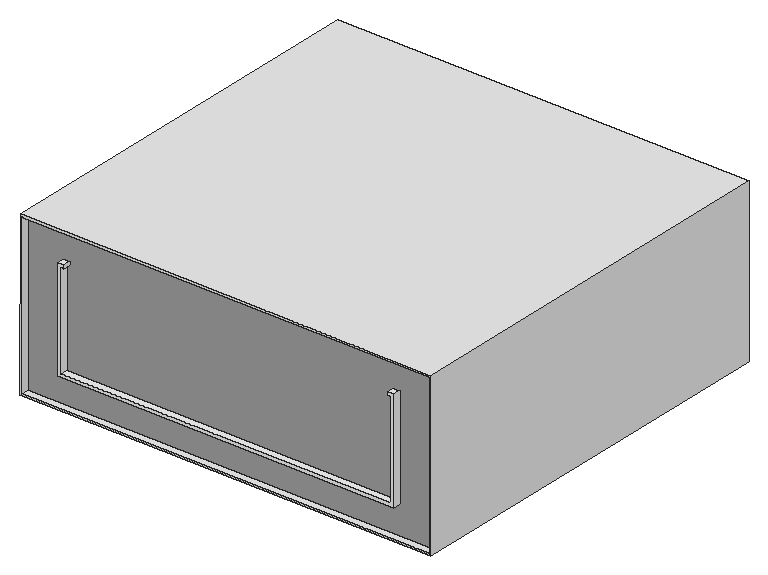
Revit family "10.Wichmann Akustikbox S_WAND", category Mechanical Equipment, host Wall, Revit 2018
Family settings
  Host = Wall
  Round Connector Dimension = Use Diameter
  Classification = None
  Part Type = Normal
  OmniClass Number = 23.30.20.00
  OmniClass Title = Windows
  Always vertical = Yes
  Cut with Voids When Loaded = No
  Shared = No
  Room Calculation Point = No
Parameters (values of type "Akustikbox S, 110x280x270 mm, Innenöffnung 65x225x270 mm ")
  Werkstoff = Stahl
  Höhe = 110 mm
  H_i = 65 mm
  HAN = "ABS110280"
  Breite = 280 mm
  Bautiefe = 270 mm
  B_i = 225 mm
Types (5, lengths in mm): name | HAN | Breite | B_i
  Akustikbox S, 110x280x270 mm, Innenöffnung 65x225x270 mm | "ABS110280" | 280 | 225
  Akustikbox S, 110x335x270 mm, Innenöffnung 65x280x270 mm | "ABS110335" | 335 | 280
  Akustikbox S, 110x435x270 mm, Innenöffnung 65x380x270 mm | "ABS110435" | 435 | 380
  Akustikbox S, 110x535x270 mm, Innenöffnung 65x480x270 mm | "ABS110535" | 535 | 480
  Akustikbox S, 110x640x270 mm, Innenöffnung 65x585x270 mm | "ABS110640" | 640 | 585
Reference planes
  plane 1 "Wall": y = 0
  plane 2 "Center (Left/Right)": x = 125
  plane 3 "Back": y = 75
  plane 4: z = 538.569
  plane 5: z = 593.569
  plane 6: x = 265
  plane 7: x = 237.5
  plane 8: z = 561.069
  plane 9: x = -15
  plane 10: x = 12.5
  plane 11: z = 648.569
  plane 12: z = 626.069
  plane 13: y = 135
  plane 14: y = -135
Forms (mm)
  Extrusion 1, solid, material "Stahl" <- "Werkstoff"
    sketch origin (0, 0, 0) x (1, 0, 0) y (0, 0, 1)
      loop
        line (265, 648.569) -> (-15, 648.569) -> (-15, 538.569) -> (265, 538.569) -> (265, 648.569)
      loop
        line (264, 647.569) -> (-14, 647.569) -> (-14, 539.569) -> (264, 539.569) -> (264, 647.569)
    from -135 to 135
  Extrusion 2, solid, material "EasyFoam"
    sketch origin (0, 0, 0) x (1, 0, 0) y (0, 0, 1)
      loop
        line (264, 647.569) -> (-14, 647.569) -> (-14, 539.569) -> (264, 539.569) -> (264, 647.569)
    from -130 to 130
  Extrusion 3, solid, not visible
    sketch origin (81, 0, 597.569) x (0, 0, -1) y (0, 1, 0)
      loop
        line (0, -134) -> (1.043, -134) -> (1.043, -133.063) -> (12.5, -130.97) -> (12.5, -130) -> (0, -130) -> (0, -134)
    from 0 to 88
  Extrusion 4, solid, not visible
    sketch origin (81, 0, 539.569) x (0, 0, 1) y (0, -1, 0)
      loop
        line (0, 134) -> (0, 130) -> (12.5, 130) -> (12.5, 130.97) -> (1.043, 133.063) -> (1.043, 134) -> (0, 134)
    from 0 to 88
  Extrusion 5, solid, not visible
    sketch origin (169, 0, 521.819) x (-1, 0, 0) y (0, -1, 0)
      loop
        line (0, 134) -> (0, 130) -> (14, 130) -> (14, 130.969) -> (1.043, 133.062) -> (1.043, 134) -> (0, 134)
    from 17.75 to 75.75
  Extrusion 6, solid, not visible
    sketch origin (81, 0, 521.819) x (1, 0, 0) y (0, 1, 0)
      loop
        line (0, -134) -> (1.043, -134) -> (1.043, -133.04) -> (14, -130.947) -> (14, -130) -> (0, -130) -> (0, -134)
    from 17.75 to 75.75
  Extrusion 7, solid, material "Brandschutzeinlage", not visible, detail levels medium+fine
    sketch origin (81, 2.5, 597.569) x (0, 0, -1) y (0, 1, 0)
      loop
        line (0, -151.5) -> (1.043, -151.5) -> (1.043, -150.563) -> (12.5, -148.47) -> (12.5, -147.5) -> (0, -147.5) -> (0, -151.5)
    from 0 to 88
  Extrusion 8, solid, material "Brandschutzeinlage", not visible, detail levels medium+fine
    sketch origin (81, 2.5, 539.569) x (0, 0, 1) y (0, -1, 0)
      loop
        line (0, 151.5) -> (0, 147.5) -> (12.5, 147.5) -> (12.5, 148.47) -> (1.043, 150.563) -> (1.043, 151.5) -> (0, 151.5)
    from 0 to 88
  Extrusion 9, solid, material "Brandschutzeinlage", not visible, detail levels medium+fine
    sketch origin (169, 2.5, 521.819) x (-1, 0, 0) y (0, -1, 0)
      loop
        line (0, 151.5) -> (0, 147.5) -> (14, 147.5) -> (14, 148.469) -> (1.043, 150.562) -> (1.043, 151.5) -> (0, 151.5)
    from 17.75 to 75.75
  Extrusion 10, solid, material "Brandschutzeinlage", not visible, detail levels medium+fine
    sketch origin (81, 2.5, 521.819) x (1, 0, 0) y (0, 1, 0)
      loop
        line (0, -151.5) -> (1.043, -151.5) -> (1.043, -150.54) -> (14, -148.447) -> (14, -147.5) -> (0, -147.5) -> (0, -151.5)
    from 17.75 to 75.75
  Extrusion 11, solid, material "Metall - Stahl"
    sketch origin (-4874.489, 75, -481.431) x (-1, 0, 0) y (0, 0, 1)
      loop
        line (-5111.989, 1042.5) -> (-5111.989, 1107.5) -> (-5109.621, 1107.5) -> (-5109.621, 1109.5) -> (-5113.989, 1109.5) -> (-5113.989, 1040.5) -> (-4884.989, 1040.5) -> (-4884.989, 1109.5) -> (-4889.389, 1109.5) -> (-4889.389, 1107.5) -> (-4886.989, 1107.5) -> (-4886.989, 1042.5) -> (-5111.989, 1042.5)
    from -210 to 60
Lines and regions (mm)
  Opening 1
    outline origin (-4874.489, -75, -481.431) x (1, 0, 0) y (0, 0, 1)
      loop
        line (5139.489, 1130) -> (4859.489, 1130) -> (4859.489, 1020) -> (5139.489, 1020) -> (5139.489, 1130)
Text (mm)
  text "Placement Side" at (-1848.837, 1116.779, 0), in view "Ref. Level"
  text "Placement side" at (0, 1409.804, 2854.306), in view "Left"
  text "Placement side" at (0, 499.811, 2980.732), in view "Right"
Dimensions and locks
  locked: plane 3 "Back" to host wall
  equal spacing: plane 9, plane 2 "Center (Left/Right)", plane 6
  equal spacing: plane 10, plane 2 "Center (Left/Right)", plane 7
  "B_i": plane 10 to plane 7
  "Breite": plane 9 to plane 6
  equal spacing: plane 8, plane 5, plane 12
  "H_i": plane 8 to plane 12
  equal spacing: plane 4, plane 5, plane 11
  "Höhe": plane 4 to plane 11
  locked: Extrusion 1 to plane 11 at 1
  locked: plane 4 to Extrusion 1 at 1
  locked: Extrusion 1 to plane 6 at 1
  locked: Extrusion 1 to plane 9 at 1
  locked: plane 13 to Extrusion 2 at 5
  locked: Extrusion 2 to plane 14 at 5
  equal spacing: plane 13, plane 1 "Wall", plane 14
  "Bautiefe": plane 13 to plane 14
  locked: Extrusion 11 to Extrusion 11 at 2  (x2)
  locked: plane 7 to Extrusion 11 at 2
  locked: plane 10 to Extrusion 11 at 2
  equal spacing: Extrusion 11, host wall, Extrusion 11
  aligned and locked: plane 1 "Wall" to host wall
  aligned and locked: Extrusion 1 sketch curve to plane 11
  aligned and locked: Extrusion 1 sketch curve to plane 6
  aligned and locked: Extrusion 1 sketch curve to plane 4
  aligned and locked: Extrusion 1 sketch curve to plane 9
  aligned and locked: Extrusion 2 sketch curve to Extrusion 1  (x4)
  aligned and locked: Extrusion 1 to plane 13
  aligned and locked: Extrusion 1 to plane 14
  aligned and locked: plane 8 to Extrusion 11 sketch curve
  aligned and locked: plane 10 to Extrusion 11 sketch curve
  aligned and locked: plane 7 to Extrusion 11 sketch curve
  aligned and locked: Extrusion 11 sketch curve to plane 12
  aligned and locked: plane 12 to Extrusion 11 sketch curve
  aligned and locked: Extrusion 11 to Extrusion 11
  aligned and locked: plane 6 to Opening 1 sketch curve
  aligned and locked: plane 11 to Opening 1 sketch curve
  aligned and locked: plane 4 to Opening 1 sketch curve
  aligned and locked: plane 9 to Opening 1 sketch curve
  aligned and locked: Extrusion 1 to Extrusion 11
  aligned and locked: host wall to nested 1  (x2)
  aligned and locked: plane 9 to nested 1
  aligned and locked: plane 6 to nested 1
  aligned and locked: nested 2 to plane 4
  aligned and locked: nested 2 to host wall  (x2)
  aligned and locked: nested 2 to plane 11
  aligned and locked: plane 4 to nested 3
  aligned and locked: nested 3 to plane 9
  aligned and locked: plane 11 to nested 3
  aligned and locked: nested 3 to plane 6
Automatic sketch dimensions
  Extrusion 3 sketch curve to Extrusion 3 sketch curve = 0.97 mm
  Extrusion 4 sketch curve to Extrusion 4 sketch curve = 1.043 mm
  Extrusion 4 sketch curve to Extrusion 4 sketch curve = 0.97 mm
  Extrusion 4 sketch curve to Extrusion 4 sketch curve = 0.937 mm
  Extrusion 5 sketch curve to Extrusion 5 sketch curve = 1.043 mm
  Extrusion 5 sketch curve to Extrusion 5 sketch curve = 0.969 mm
  Extrusion 5 sketch curve to Extrusion 5 sketch curve = 0.938 mm
  Extrusion 6 sketch curve to Extrusion 6 sketch curve = 0.96 mm
  Extrusion 6 sketch curve to Extrusion 6 sketch curve = 1.043 mm
  Extrusion 6 sketch curve to Extrusion 6 sketch curve = 12.957 mm
  Extrusion 6 sketch curve to Extrusion 6 sketch curve = 2.093 mm
  Extrusion 6 sketch curve to Extrusion 6 sketch curve = 3.04 mm
  Extrusion 3 sketch curve to Extrusion 3 sketch curve = 1.043 mm
  Extrusion 3 sketch curve to Extrusion 3 sketch curve = 11.457 mm
  Extrusion 3 sketch curve to Extrusion 3 sketch curve = 0.937 mm
  Extrusion 3 sketch curve to Extrusion 3 sketch curve = 2.093 mm
  Extrusion 4 sketch curve to Extrusion 4 sketch curve = 11.457 mm
  Extrusion 4 sketch curve to Extrusion 4 sketch curve = 3.063 mm
  Extrusion 5 sketch curve to Extrusion 5 sketch curve = 12.957 mm
  Extrusion 5 sketch curve to Extrusion 5 sketch curve = 3.062 mm
  Extrusion 7 sketch curve to Extrusion 7 sketch curve = 0.97 mm
  Extrusion 8 sketch curve to Extrusion 8 sketch curve = 1.043 mm
  Extrusion 8 sketch curve to Extrusion 8 sketch curve = 0.97 mm
  Extrusion 8 sketch curve to Extrusion 8 sketch curve = 0.937 mm
  Extrusion 9 sketch curve to Extrusion 9 sketch curve = 1.043 mm
  Extrusion 9 sketch curve to Extrusion 9 sketch curve = 0.969 mm
  Extrusion 9 sketch curve to Extrusion 9 sketch curve = 0.938 mm
  Extrusion 10 sketch curve to Extrusion 10 sketch curve = 0.96 mm
  Extrusion 10 sketch curve to Extrusion 10 sketch curve = 1.043 mm
  Extrusion 10 sketch curve to Extrusion 10 sketch curve = 12.957 mm
  Extrusion 10 sketch curve to Extrusion 10 sketch curve = 2.093 mm
  Extrusion 10 sketch curve to Extrusion 10 sketch curve = 3.04 mm
  Extrusion 7 sketch curve to Extrusion 7 sketch curve = 1.043 mm
  Extrusion 7 sketch curve to Extrusion 7 sketch curve = 11.457 mm
  Extrusion 7 sketch curve to Extrusion 7 sketch curve = 0.937 mm
  Extrusion 7 sketch curve to Extrusion 7 sketch curve = 2.093 mm
  Extrusion 8 sketch curve to Extrusion 8 sketch curve = 11.457 mm
  Extrusion 8 sketch curve to Extrusion 8 sketch curve = 3.063 mm
  Extrusion 9 sketch curve to Extrusion 9 sketch curve = 12.957 mm
  Extrusion 9 sketch curve to Extrusion 9 sketch curve = 3.062 mm
  plane 9 to Extrusion 1 sketch curve = 1 mm
  plane 6 to Extrusion 1 sketch curve = 1 mm
  plane 4 to Extrusion 1 sketch curve = 1 mm
  plane 11 to Extrusion 1 sketch curve = 1 mm
  Extrusion 11 sketch curve to plane 7 = 2 mm
  plane 7 to Extrusion 11 sketch curve = 2.368 mm
  Extrusion 11 sketch curve to Extrusion 11 sketch curve = 2.4 mm
  Extrusion 11 sketch curve to plane 10 = 2 mm
  Extrusion 11 sketch curve to plane 8 = 2 mm
  Extrusion 11 sketch curve to plane 12 = 2 mm  (x2)
Nested families
  nested 1: "Side" at (125, 0, -481.431), type "Side"
    with h 150 mm, b 280 mm
  nested 2: "Side" at (125, 0, 593.569) x (0, -1, 0) z (1, 0, 0), type "Side"
    with h 110 mm, b 150 mm
  nested 3: "Front" at (125, 0, 593.569) x (0, 0, -1) z (0, -1, 0), type "Front"
    with x 18.333 mm, h 280 mm, b 110 mm
Definition of nested family "Side"
  Parameters (values of type "Side")
    h [instance] = 433.181 mm
    b [instance] = 613.979 mm
  Reference planes
    plane 1 "Center (Front/Back)": y = 0
    plane 2: z = 0
    plane 3 "Center (Left/Right)": x = 0
    plane 4: y = 216.59
    plane 5: x = -306.99
    plane 6: x = 306.99
    plane 7: y = -216.59
  Lines and regions (mm)
    detail lines, in view "Ref. Level"
      curve 1: line (-306.99, 216.59, 0) -> (306.99, 216.59, 0)
      curve 2: line (-306.99, -216.59, 0) -> (-306.99, 216.59, 0)
      curve 3: line (306.99, -216.59, 0) -> (-306.99, -216.59, 0)
      curve 4: line (306.99, 216.59, 0) -> (306.99, -216.59, 0)
      curve 5: line (306.99, -216.59, 0) -> (-306.99, 216.59, 0)
      curve 6: line (-306.99, -216.59, 0) -> (306.99, 216.59, 0)
  Dimensions and locks
    equal spacing: plane 4, plane 1 "Center (Front/Back)", plane 7
    "h": plane 4 to plane 7
    equal spacing: plane 5, plane 3 "Center (Left/Right)", plane 6
    "b": plane 5 to plane 6
    aligned and locked: curve 3 to plane 7
    aligned and locked: plane 6 to curve 4
  Automatic sketch dimensions
    curve 1 to plane 4 = 0 mm
    curve 1 to plane 5 = 0 mm
Definition of nested family "Front"
  Parameters (values of type "Front")
    h [instance] = 433.181 mm
    x [instance] = if(b < h, b, h) / 6  # 72.197 mm
    b [instance] = 613.979 mm
  Reference planes
    plane 1 "Center (Front/Back)": y = 0
    plane 2: z = 0
    plane 3 "Center (Left/Right)": x = 0
    plane 4: y = 216.59
    plane 5: x = -306.99
    plane 6: x = 306.99
    plane 7: y = -216.59
    plane 8: x = -234.793
    plane 9: y = 144.394
  Lines and regions (mm)
    Filled region 1, type "Concrete", in view "Ref. Level"
      outline origin (0, 0, 0) x (1, 0, 0) y (0, 1, 0)
        loop
          line (306.99, 216.59) -> (-306.99, 216.59) -> (-306.99, -216.59) -> (-234.793, 144.394) -> (306.99, 216.59)
    detail lines, in view "Ref. Level"
      curve 1: line (-306.99, 216.59, 0) -> (306.99, 216.59, 0)
      curve 2: line (-306.99, -216.59, 0) -> (-306.99, 216.59, 0)
      curve 3: line (306.99, -216.59, 0) -> (-306.99, -216.59, 0)
      curve 4: line (306.99, 216.59, 0) -> (306.99, -216.59, 0)
  Dimensions and locks
    equal spacing: plane 4, plane 1 "Center (Front/Back)", plane 7
    "h": plane 4 to plane 7
    equal spacing: plane 5, plane 3 "Center (Left/Right)", plane 6
    "b": plane 5 to plane 6
    "x": plane 4 to plane 9
    "x": plane 5 to plane 8
    aligned and locked: plane 9 to Filled region 1 sketch curve
    aligned and locked: plane 8 to Filled region 1 sketch curve
    aligned and locked: curve 1 to Filled region 1
    aligned and locked: curve 2 to Filled region 1
    aligned and locked: curve 3 to plane 7
    aligned and locked: plane 6 to curve 4
  Automatic sketch dimensions
    Filled region 1 sketch curve to plane 4 = 0 mm
    Filled region 1 sketch curve to plane 5 = 0 mm
    Filled region 1 sketch curve to plane 6 = 0 mm
    plane 7 to Filled region 1 sketch curve = 0 mm
